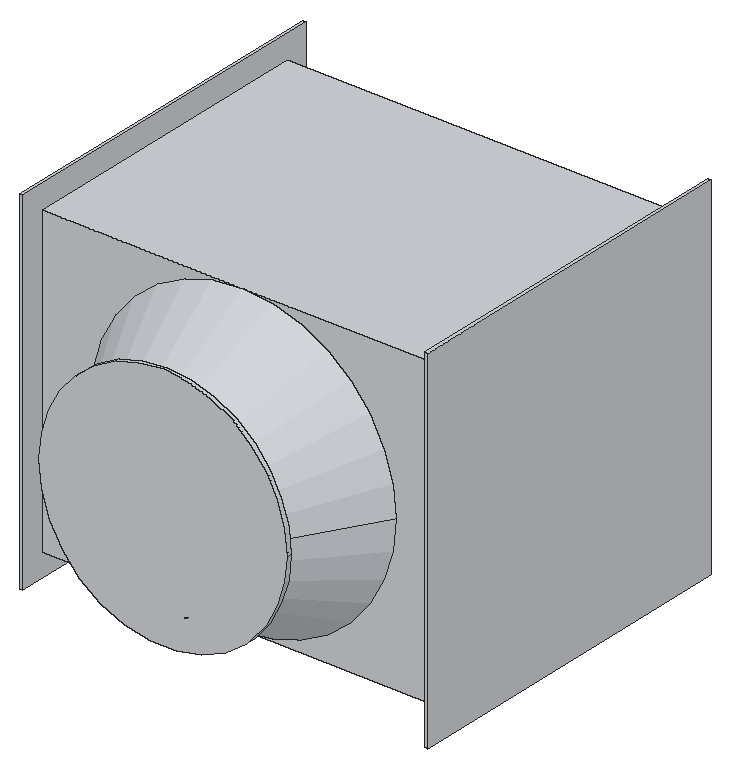
Revit family "矩形到圆形 T 形三通 - 圆锥形接头 - 法兰", category 风管管件, Revit 2020
Family settings
  圆形连接件大小 = 使用半径
  零件类型 = T 形三通
  基于工作平面 = 否
  总是垂直 = 是
  加载时剪切的空心 = 否
  共享 = 否
Parameters (values of type "标准")
  默认高程 = 0 mm
  最大风管宽度和高度 [instance] = if(风管宽度 > 风管高度, 风管宽度, 风管高度)  # 320 mm
  半径 2 [instance] = (风管长度 22) * (半径 1 - 风管半径) / 风管长度 22 + 风管半径  # 160 mm
  风管半宽 [instance] = 风管宽度 / 2  # 160 mm
  法兰宽度 [instance] = 法兰延伸高度 * 2 + 风管宽度  # 370 mm
  法兰厚度 3 [instance] = if(风管直径 < 281 mm, 4 mm, if(风管直径 < 631 mm, 3 mm, 4 mm))  # 4 mm
  法兰厚度 [instance] = if(最大风管宽度和高度 < 1501 mm, 3 mm, if(最大风管宽度和高度 < 2501 mm, 4 mm, if(最大风管宽度和高度 < 4001 mm, 5 mm, 6 mm)))  # 3 mm
  法兰半径 1 [instance] = 法兰延伸高度 3 + 风管半径  # 130 mm
  法兰高度 [instance] = 法兰延伸高度 * 2 + 风管高度  # 370 mm
  法兰延伸高度 3 [instance] = if(风管直径 < 141 mm, 20 mm, if(风管直径 < 631 mm, 30 mm, if(风管直径 < 2001 mm, 40 mm, 50 mm)))  # 30 mm
  法兰延伸高度 [instance] = if(最大风管宽度和高度 < 631 mm, 25 mm, if(最大风管宽度和高度 < 1501 mm, 30 mm, if(最大风管宽度和高度 < 2501 mm, 40 mm, if(最大风管宽度和高度 < 4001 mm, 50 mm, 60 mm))))  # 25 mm
  风管宽度 [instance] = 320 mm
  风管半径 [instance] = 100 mm
  半径 1 [instance] = 风管高度 / 2  # 160 mm
  风管长度 22 [instance] = 风管长度 2  # 100 mm
  风管长度 2 [instance] = 100 mm
  风管长度 11 [instance] = if(风管长度 1 > 半径 1 * 2 + 100 mm, 风管长度 1, 半径 1 * 2 + 100 mm)  # 420 mm
  风管长度 1 [instance] = 400 mm
  风管高度 [instance] = 320 mm
  风管直径 [instance] = 风管半径 * 2  # 200 mm
  直径 1 [instance] = 半径 1 * 2  # 320 mm
Reference planes
  plane 1 "中心(前/后)": y = 0
  plane 2: z = 0
  plane 3 "中心(左/右)": x = 0
  plane 4: y = -160
  plane 5: x = -210
  plane 6: x = 210
  plane 7: y = -260
  plane 8: x = -213
  plane 9: x = 213
  plane 10: y = -264
Forms (mm)
  Sweep 1, solid, detail levels medium+fine
    path in 3D
      loop
        line (-210, 0, 0) -> (210, 0, 0)
    profile "风管 - 矩形 : 风管 - 矩形" origin (0, 0, 0) x (0, 1, 0) y (0, 0, 1)
      loop
        line (-160, 160) -> (-160, -160) -> (160, -160) -> (160, 160) -> (-160, 160)
  Sweep 2, solid, detail levels medium+fine
    path in 3D
      loop
        line (-213, 0, 0) -> (-210, 0, 0)
    profile "风管 - 矩形 : 风管 - 法兰" origin (-211.5, 0, 0) x (0, 1, 0) y (0, 0, 1)
      loop
        line (-185, 185) -> (-185, -185) -> (185, -185) -> (185, 185) -> (-185, 185)
  Sweep 3, solid, detail levels medium+fine
    path in 3D
      loop
        line (210, 0, 0) -> (213, 0, 0)
    profile "风管 - 矩形 : 风管 - 法兰" origin (211.5, 0, 0) x (0, 1, 0) y (0, 0, 1)
      loop
        line (-185, 185) -> (-185, -185) -> (185, -185) -> (185, 185) -> (-185, 185)
  Blend 4, solid, detail levels medium+fine
    base sketch origin (0, 0, 0) x (1, 0, 0) y (0, 0, 1)
      loop
        circle (0, 0) r 100
    top sketch origin (0, 0, 0) x (1, 0, 0) y (0, 0, 1)
      loop
        circle (0, 0) r 160
    from 260 to 160
  Extrusion 5, solid, detail levels medium+fine
    sketch origin (0, 0, 0) x (1, 0, 0) y (0, 0, 1)
      loop
        circle (0, 0) r 130
    from 260 to 264
Cuts and joins
  joined: Sweep 1, Sweep 2, Sweep 3, Blend 4, Extrusion 5
Lines and regions (mm)
  model lines
    curve 1: line (-210, 0, 0) -> (210, 0, 0)
    curve 2: line (0, 0, 0) -> (0, -260, 0)
    curve 3: line (-213, 0, 0) -> (-210, 0, 0)
    curve 4: line (210, 0, 0) -> (213, 0, 0)
    curve 5: line (0, -260, 0) -> (0, -264, 0)
  sketch lines
    curve 6: line (-210, 0, 0) -> (210, 0, 0)
    curve 7: line (-213, 0, 0) -> (-210, 0, 0)
    curve 8: line (210, 0, 0) -> (213, 0, 0)
  reference lines
    curve 9: line (-213, 0, 0) -> (-210, 0, 0)
    curve 10: line (210, 0, 0) -> (213, 0, 0)
Dimensions and locks
  equal spacing: plane 5, plane 3 "中心(左/右)", plane 6
  "风管长度 11": plane 5 to plane 6
  "风管长度 22": plane 4 to plane 7
  "法兰厚度": plane 8 to plane 5
  "法兰厚度": plane 6 to plane 9
  "法兰厚度 3": plane 7 to plane 10
  "风管半宽": plane 1 "中心(前/后)" to plane 4
  "风管半径": radius of Blend 4 sketch curve
  "半径 1": radius of Blend 4 sketch curve
  "法兰半径 1": radius of Extrusion 5 sketch curve
  aligned and locked: plane 1 "中心(前/后)" to curve 2
  aligned and locked: curve 2 to plane 3 "中心(左/右)"
  aligned and locked: plane 5 to curve 3
  aligned and locked: plane 8 to curve 3
  aligned and locked: plane 1 "中心(前/后)" to curve 3
  aligned and locked: plane 6 to curve 4
  aligned and locked: plane 9 to curve 4
  aligned and locked: plane 1 "中心(前/后)" to curve 4
  aligned and locked: plane 10 to curve 5
  aligned and locked: plane 7 to curve 5
  aligned and locked: curve 5 to plane 3 "中心(左/右)"
  aligned and locked: Blend 4 to plane 4
  aligned and locked: Blend 4 to plane 7
  aligned and locked: Extrusion 5 to plane 10
  aligned and locked: plane 7 to Extrusion 5
  aligned and locked: plane 8 to curve 9
  aligned and locked: plane 1 "中心(前/后)" to curve 9
  aligned and locked: plane 9 to curve 10
  aligned and locked: plane 1 "中心(前/后)" to curve 10
Automatic sketch dimensions
  Blend 4 sketch curve to level = 0 mm  (x2)
  Blend 4 sketch curve to plane 3 "中心(左/右)" = 0 mm  (x2)
  Extrusion 5 sketch curve to level = 0 mm
  Extrusion 5 sketch curve to plane 3 "中心(左/右)" = 0 mm
  curve 9 to plane 5 = 0 mm
  curve 10 to plane 6 = 0 mm
Connectors
  hvac at (-213, 0, 0), driven by "风管高度", driven by "风管宽度"
    settings: on cut or joined group of Sweep 1, Sweep 2, Sweep 3, Blend 4, Extrusion 5, index 1, duct flow 0.0 L/s, flow factor 0, pres drop 0.0 Pa, loss coef 0, conn angle 0.00°, conn width 320 mm, conn height 320 mm, conn diameter 600 mm, duct sys type 28, conn prof type 1, flow config 0, flow direction 0, loss method 0, conn ref index 2, conn util no, is conn primary yes, conn desc ""
  hvac at (213, 0, 0), driven by "风管高度", driven by "风管宽度"
    settings: on cut or joined group of Sweep 1, Sweep 2, Sweep 3, Blend 4, Extrusion 5, index 2, duct flow 0.0 L/s, flow factor 0, pres drop 0.0 Pa, loss coef 0, conn angle 0.00°, conn width 320 mm, conn height 320 mm, conn diameter 600 mm, duct sys type 28, conn prof type 1, flow config 0, flow direction 0, loss method 0, conn ref index 1, conn util no, is conn primary no, conn desc ""
  hvac at (0, -264, 0), driven by "风管半径"
    settings: on cut or joined group of Sweep 1, Sweep 2, Sweep 3, Blend 4, Extrusion 5, index 3, duct flow 0.0 L/s, flow factor 0, pres drop 0.0 Pa, loss coef 0, conn angle 0.00°, conn width 300 mm, conn height 300 mm, conn diameter 200 mm, duct sys type 28, conn prof type 0, flow config 0, flow direction 0, loss method 0, conn ref index -1, conn util no, is conn primary no, conn desc ""
